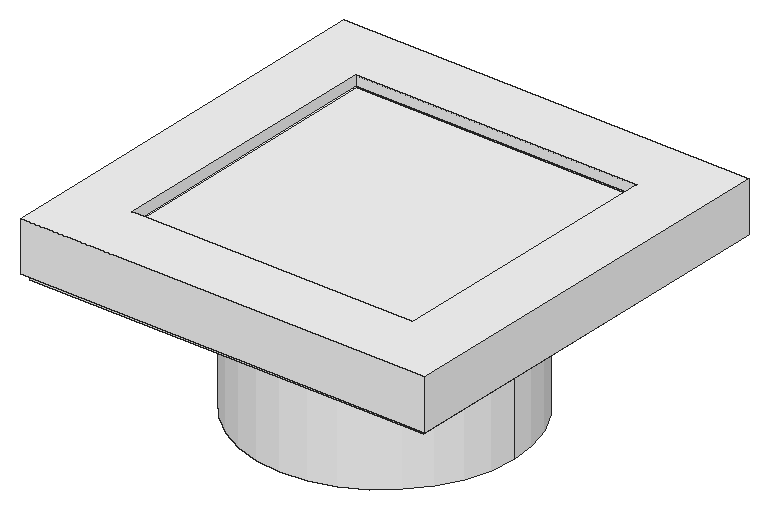
Revit family "Gira_012603", category Electrical Fixtures, host Face, Revit 2017
Family settings
  Host = Face
  Maintain Annotation Orientation = Yes
  Round Connector Dimension = Use Diameter
  Part Type = Normal
  Cut with Voids When Loaded = No
  Shared = No
  Room Calculation Point = No
Parameters (values of type "Tastschalter AusWe System 55 Reinweiß")
  Zusammenstellung = "Basiselement mit zentraler Abdeckplatte"
  White [instance] = White
  Werkstoffgüte = "Thermoplast"
  Werkstoff = "sonstige"
  Waschmaschinenschalter = "No"
  URL = "http://katalog.gira.de/de_DE/datenblatt.html?artikelnr=012603"
  Textfeld/Beschriftungsfläche = "nein"
  Tastschalter = "Yes"
  Schaltungsart = "Wechselschalter"
  Rückmeldekontakt = "No"
  Region = "DE"
  RAL-Nummer (ähnlich) = "9010 "
  Oberfläche = "sonstige"
  Nennspannung = "250 Volt"
  Name = "Tastschalter AusWe System 55 Reinweiß"
  Montageart = "unter Putz"
  Model = "Sys55_Komplettgerät_Schalten und Tasten"
  Mit Montageplatte = "No"
  Manufacturer URL = "https://www.gira.de/"
  HeinzeBIM = "https://bimportal.heinze.de/bim/tastschalter-auswe-system-55-reinweiss/c41e75cf3118a6ad3475fcf659201d7e85b5bd14"
  Halogenfrei = "Yes"
  HAN = "012603"
  Geeignet für Schutzart (IP) = "IP20"
  GTIN = "4010337126034"
  Farbe = "weiß"
  Default Elevation = 1219.2 mm
  Data sheet (1) = "https://katalog.gira.de/de_DE/download.html?artikelnr=012603"
  Category = "Installationsschalter"
  Bemessungsstrom = "10 Ampere"
  Beleuchtung = "nein"
  Befestigungsart = "Krallen-/Schraubbefestigung"
  Bedienungsart = "Wippe/Taste"
  Available = "Yes"
  Ausführung der Oberfläche = "glänzend"
  Anzahl der Module (bei Modulbauweise) = "1 "
  Anzahl der Betätigungswippen = "1 "
  Anschlussart = "Steckklemme"
Reference planes
  plane 1 "Center (Front/Back)": y = 0
  plane 2: z = 0
  plane 3 "Center (Left/Right)": x = 0
Forms (mm)
  Extrusion 1, solid, material "White" <- "White", detail levels medium
    sketch origin (0, 0, 0) x (1, 0, 0) y (0, 1, 0)
      loop
        line (-40.4, 40.4) -> (-40.4, -40.4) -> (40.4, -40.4) -> (40.4, 40.4) -> (-40.4, 40.4)
      loop
        line (-28, 28) -> (-28, -28) -> (28, -28) -> (28, 28) -> (-28, 28)
    from 0 to 10
  Extrusion 2, solid, material "White" <- "White", detail levels fine
    sketch origin (0, 0, 0) x (1, 0, 0) y (0, 1, 0)
      loop
        line (-40.4, 40.4) -> (-40.4, -40.4) -> (40.4, -40.4) -> (40.4, 40.4) -> (-40.4, 40.4)
      loop
        line (-28, 28) -> (-28, -28) -> (28, -28) -> (28, 28) -> (-28, 28)
    from 0 to 10
  Extrusion 3, void
    sketch origin (0, 0, 0) x (1, 0, 0) y (0, 1, 0)
      loop
        line (-38.4, 38.4) -> (-38.4, -38.4) -> (38.4, -38.4) -> (38.4, 38.4) -> (-38.4, 38.4)
    from 0 to 8
  Extrusion 4, solid, material "White" <- "White", detail levels medium+fine
    sketch origin (0, 0, 0) x (1, 0, 0) y (0, 1, 0)
      loop
        line (-39.4, 39.4) -> (-39.4, -39.4) -> (39.4, -39.4) -> (39.4, 39.4) -> (-39.4, 39.4)
    from 0 to -1
  Extrusion 5, solid, material "White" <- "White", detail levels medium+fine
    sketch origin (0, 0, 0) x (1, 0, 0) y (0, 1, 0)
      loop
        line (-35.5, 35.5) -> (-35.5, -35.5) -> (35.5, -35.5) -> (35.5, 35.5) -> (-35.5, 35.5)
    from -2 to -3
  Extrusion 6, solid, material "White" <- "White", detail levels medium+fine
    sketch origin (0, 0, 0) x (1, 0, 0) y (0, 1, 0)
      loop
        circle (0, 0) r 26
    from 0 to -27.5
  Extrusion 7, solid, material "White" <- "White", detail levels coarse
    sketch origin (0, 0, 0) x (1, 0, 0) y (0, 1, 0)
      loop
        line (-40.4, 40.4) -> (-40.4, -40.4) -> (40.4, -40.4) -> (40.4, 40.4) -> (-40.4, 40.4)
    from -27.5 to 10
Cuts and joins
  Extrusion 3 cuts Extrusion 2
Dimensions and locks
  aligned and locked: plane 2 to host face
  aligned and locked: level to host face
  aligned and locked: plane 3 "Center (Left/Right)" to nested 2
  aligned and locked: plane 1 "Center (Front/Back)" to nested 2
Nested families
  nested 1: "Sys55_Abdeckung_Schalten und Tasten_floor_base" at (0, 0, 0), type "Sys55_Abdeckung_Schalten und Tasten_floor_base"
  nested 2: "Schalter" at (0, 0, 0), type "Schalter"
Connectors
  electrical at (0, 0, -27.5)
    settings: on Extrusion 6, index 1, voltage 220 V, apparent load 0 VA, apparent load phase1 0 VA, apparent load phase2 0 VA, apparent load phase3 0 VA, power factor 1, load classification "Other", number of poles 1, system type 30, power factor state 1, is connector primary yes, connector utility no, sub classification motor no, connector description ""
Definition of nested family "Sys55_Abdeckung_Schalten und Tasten_floor_base"
  Parameters
    Default Elevation = 1219.2 mm
    White [instance] = none
  Reference planes
    plane 1 "Center (Front/Back)": y = 0
    plane 2: z = 0
    plane 3 "Center (Left/Right)": x = 0
  Forms (mm)
    Extrusion 1, solid
      sketch origin (0, 0, 0) x (1, 0, 0) y (0, 1, 0)
        loop
          line (-1219.2, 1219.2) -> (-1219.2, -1219.2) -> (1219.2, -1219.2) -> (1219.2, 1219.2) -> (-1219.2, 1219.2)
      from 0 to -304.8
    Extrusion 2, solid, material <- "White", detail levels fine
      sketch origin (0, 0, 0) x (1, 0, 0) y (0, 1, 0)
        loop
          line (-27.5, 27.5) -> (-27.5, -27.5) -> (27.5, -27.5) -> (27.5, 27.5) -> (-27.5, 27.5)
      from 0 to 8
    Extrusion 3, void
      sketch origin (0, 0, 0) x (1, 0, 0) y (0, 1, 0)
        loop
          line (26, 26) -> (-26, 26) -> (-26, -26) -> (26, -26) -> (26, 26)
      from 0 to 6
    Extrusion 4, solid, material <- "White", detail levels medium
      sketch origin (0, 0, 0) x (1, 0, 0) y (0, 1, 0)
        loop
          line (-27.5, 27.5) -> (-27.5, -27.5) -> (27.5, -27.5) -> (27.5, 27.5) -> (-27.5, 27.5)
      from 0 to 8
    Extrusion 5, solid, material <- "White", detail levels medium
      sketch origin (0, 0, 0) x (1, 0, 0) y (0, 1, 0)
        loop
          line (11, -17.5) -> (11, 17.5) -> (-11, 17.5) -> (-11, -17.5) -> (11, -17.5)
      from -6 to 6
    Extrusion 6, solid, material <- "White", detail levels fine
      sketch origin (0, 0, 0) x (1, 0, 0) y (0, 1, 0)
        loop
          line (11, 17.5) -> (-11, 17.5) -> (-11, 16.5) -> (11, 16.5) -> (11, 17.5)
        loop
          line (-11, -16.5) -> (-11, -17.5) -> (11, -17.5) -> (11, -16.5) -> (-11, -16.5)
      from -4 to 6
    Extrusion 7, solid, material <- "White", detail levels fine
      sketch origin (0, 0, 0) x (1, 0, 0) y (0, 1, 0)
        loop
          arc (5, 9.347) -> (0, 10.6) -> (-5, 9.347) r 10.6
          line (-5, 9.347) -> (-5, -9.347)
          arc (-5, -9.347) -> (0, -10.6) -> (5, -9.347) r 10.6
          line (5, -9.347) -> (5, 9.347)
      from -6 to 6
    Extrusion 8, solid, material <- "White", detail levels coarse
      sketch origin (0, 0, 0) x (1, 0, 0) y (0, 1, 0)
        loop
          line (-27.5, 27.5) -> (-27.5, -27.5) -> (27.5, -27.5) -> (27.5, 27.5) -> (-27.5, 27.5)
      from -6 to 8
  Cuts and joins
    Extrusion 3 cuts Extrusion 2
  Dimensions and locks
    aligned and locked: plane 2 to Extrusion 1
    aligned and locked: level to Extrusion 1
Definition of nested family "Schalter"
  Reference planes
    plane 1: y = 0
    plane 2: x = 0
  Lines and regions (mm)
    detail lines
      curve 1: circle (1.375, 2.778, 0) r 0.8 normal (0, 0, 1)
      curve 2: line (1.021, 2.061, 0) -> (0, 0, 0)
      curve 3: line (0, 0, 0) -> (-0.538, 0.266, 0)
  Dimensions and locks
    curve 2 to curve 2 = 2.3 mm
    curve 3 to curve 2 = 0.6 mm
    radius of curve 1 = 0.8 mm
